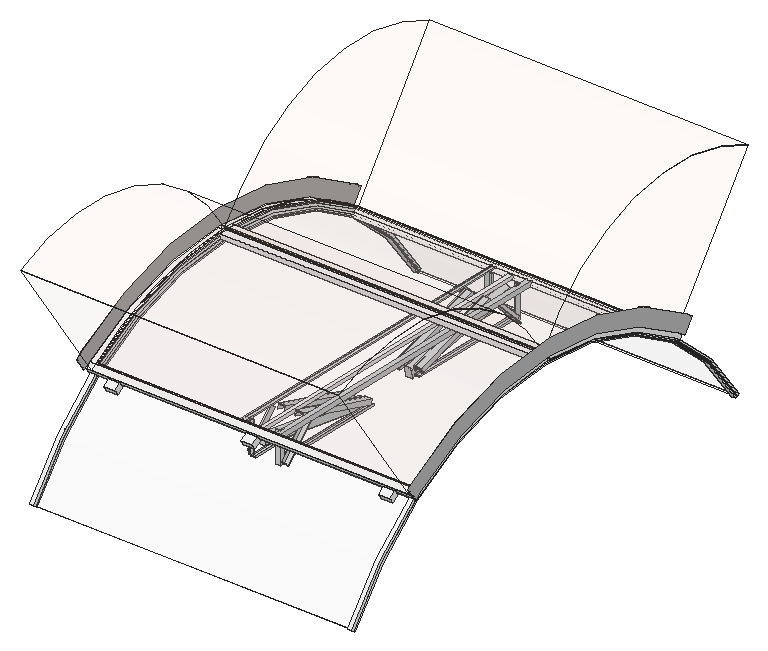
Revit family "Aluco Fire SL 2P (HI) (en)", category Generic Models, Revit 2020
Family settings
  Can host rebar = No
  Round Connector Dimension = Use Diameter
  Part Type = Normal
  OmniClass Number = 23.60.70.14.11
  OmniClass Title = Smoke Dampers
  Work Plane-Based = Yes
  Always vertical = No
  Cut with Voids When Loaded = Yes
  Shared = No
  Room Calculation Point = No
Parameters (values of type "economical system with pneumatic drive")
  Range of motion [instance] = yes
  Wind exposure classification = "WL 1500"  # constant formula
  Reliability of operation = "RE 10000"  # constant formula
  Profile material = Aluco - aluminum
  Product URL = "https://aluco.com.pl/oferta/oddymianie/klapy-w-pasmach/"
  Power supply = 0 V
  Panel thickness [instance] = if([Filling thickness (variant)] < 3, 10 mm, if([Filling thickness (variant)] < 5, 16 mm, if([Filling thickness (variant)] < 7, 20 mm, if([Filling thickness (variant)] < 9, 25 mm, if([Filling thickness (variant)] < 11, 20 mm, if([Filling thickness (variant)] < 13, 26 mm, 32 mm))))))  # 10 mm
  Panel material = Aluco - polycarbonate
  Note [instance] = if(or([Vent span (A)] > 3000 mm, [Vent span (A)] < 1800 mm, [Vent width (B)] > 3500 mm, [Vent width (B)] < 1900 mm), "The manufacturer's recommended dimensions have been exceeded", "-")  # "-"
  Maximum snow load = "SL 1500"  # constant formula
  Heat transfer coefficient [instance] = "For verification after contact with the Manufacturer"  # constant formula
  Geometric surface [instance] = 1.00 m² * size_lookup("ALUCO FIRE SL 2P (HI)", "Powierzchnia geometryczna", 0 mm, round([Vent span (A)] / 100 mm) * 100 mm, round([Vent width (B)] / 100 mm) * 100 mm) / 1 mm  # 4.00 m²
  Fall protection safety grids [instance] = no
  Drive type = "pneumatic drive"
  Deflectors [instance] = yes
  Base height [instance] = 300 mm
  Actuator extension (variant) [instance] = 1
  Vent width (B) [instance] = 2000 mm
  Vent span (A) [instance] = 2000 mm
  URL = "https://aluco.com.pl/"
  Economic system = yes
  Bridge-free system = not(Economic system)  # no
  Smoke exhaust surface [instance] = 1.00 m² * size_lookup("ALUCO FIRE SL 2P (HI)", "Współczynnik powierzchni oddymiania", 0 mm, round([Vent span (A)] / 100 mm) * 100 mm, round([Vent width (B)] / 100 mm) * 100 mm) / 1 mm  # 2.97 m²
  Skylight span [instance] = 3000 mm
  Span [instance] = "from 1800 mm x 1900 mm to 3000 mm x 3500 mm"  # constant formula
  Bending radius' [instance] = Bending radius - 5 mm  # 1745 mm
  Bending radius" [instance] = Bending radius + Panel thickness + 13 mm  # 1773 mm
  Bending radius [instance] = 175 * Panel thickness  # 1750 mm
  Opening angle = 90.00°  # constant formula
  Mounting profiles [instance] = yes
  Manufacturer = "ALUCO SYSTEM SP. Z O.O"  # constant formula
  High temperature resistance class = "B 300"  # constant formula
  Description = "Double-leaf vent dedicated to barrel vault skylights"  # constant formula
  Type Image = ALUCO FIRE SL 1P (HI).png
  Installation [instance] = if(Economic system, "in barrel vault continuous skylights ALUCO SKYLIGHT", "in barrel vault continuous skylights ALUCO SKYLIGHT or ALUCO SKYLIGHT THERM")  # "in barrel vault continuous skylights ALUCO SKYLIGHT"
  Model = "FIRE SL 2P"
  Type Comments = "Smoke damper in a economical system"
  Safety classification against drop from height = "SB 1200"  # constant formula
  Fire protection class = "BRoof (t1)"  # constant formula
  Catalog card [instance] = "https://aluco.com.pl/download/oddymianie/AlucoFireSL_KlapyDymowe.pdf"
  Number of arch profiles [instance] = 2  # constant formula
  IfcExportAs = "\"IfcWindowType\""
  Filling thickness (variant) [instance] = 1
  Profile dimension [instance] = Panel thickness + 2 * 10 mm  # 30 mm
  Deflector material = Aluco - galvanized steel
  Default Elevation = 0 mm  # constant formula
  Confirmed performance in extremely low temperatures = "T -15"  # constant formula
  Actuator extension [instance] = if([Actuator extension (variant)] < 2, "300mm", if([Actuator extension (variant)] < 3, "500mm", "700mm"))  # "300mm"
Reference planes
  plane 1 "Środek (Przód/Tył)": y = 0
  plane 2: z = 0
  plane 3 "Środek (Lewa/Prawa)": x = 0
  plane 4: y = -1500
  plane 5: y = 1500
  plane 6: x = -1000
  plane 7: y = -2000
  plane 8: y = 2000
  plane 9: x = 1000
  plane 10: z = 300
  plane 11: y = -1000
  plane 12: y = 1000
  plane 13: y = -939.1
Forms (mm)
  Extrusion 1, solid, material "Aluco - fall protection safety grids", visible <- "Fall protection safety grids", detail levels medium+fine
    sketch origin (3267.2, -1436.636, 300) x (0, -1, 0) y (1, 0, 0)
      loop
        line (-2936.636, -4267.2) -> (63.364, -4267.2) -> (63.364, -2267.2) -> (-2936.636, -2267.2) -> (-2936.636, -4267.2)
    from -5 to 0
  Extrusion 2, solid, detail levels coarse
    sketch origin (0, 0, 0) x (0, 1, 0) y (0, 0, 1)
      loop
        line (-1000, 895.113) -> (-1000, 300) -> (1000, 300) -> (1000, 895.113)
        arc (1000, 895.113) -> (0, 1203.612) -> (-1000, 895.113) r 1775
    from 1000 to -1000
  Extrusion 3, void
    sketch origin (0, 0, 0) x (0, 1, 0) y (0, 0, 1)
      loop
        line (-1506.686, 333.185) -> (-1482.684, 318.761)
        arc (-1482.684, 318.761) -> (0, 1143.612) -> (1482.684, 318.761) r 1745
        line (1482.684, 318.761) -> (1506.686, 333.185)
        arc (1506.686, 333.185) -> (0, 1171.612) -> (-1506.686, 333.185) r 1773
    from 1000 to -1000
  Extrusion 4, solid, material "Aluco - polycarbonate" <- "Panel material", detail levels medium+fine
    sketch origin (0, 0, 0) x (0, 1, 0) y (0, 0, 1)
      loop
        line (-1508.571, 305.151) -> (-1500, 300)
        arc (-1500, 300) -> (0, 1148.612) -> (1500, 300) r 1750
        line (1500, 300) -> (1508.571, 305.151)
        arc (1508.571, 305.151) -> (0, 1158.612) -> (-1508.571, 305.151) r 1760
    from 1000 to -1000
Lines and regions (mm)
  reference lines
    curve 1: line (-1000, 1500, 0) -> (-1000, -1500, 0)
    curve 2: line (-1000, -1500, 0) -> (1900, -1500, 0)
    curve 3: line (997.5, 1500, 0) -> (-1000, 1500, 0)
    curve 4: line (0, 1500, 0) -> (10, 1500, 0)
    curve 5: line (10, -1500, 0) -> (0, -1500, 0)
    curve 6: line (0, -1500, 0) -> (0, 1500, 0)
    curve 7: line (995, 0, 298.5) -> (1005, 0, 298.5)
    curve 8: line (1002.5, 500, -601.388) -> (1002.5, -500, -601.388)
    curve 9: line (1002.5, 0, -601.388) -> (1002.5, -1000, 862.692)
    curve 10: line (1002.5, 0, -601.388) -> (1002.5, 1000, 862.692)
    curve 12: line (0, -1000, 862.692) -> (0, 1000, 862.692)
  symbolic lines, detail levels coarse
    curve 11: line (1000, 1500, 0) -> (1000, -1500, 0)
    curve 15: line (-1000, 1500, 0) -> (-1000, -1500, 0)
    curve 16: line (-1000, 1000, 0) -> (1000, 1000, 0)
    curve 17: line (-1000, -1000, 0) -> (1000, -1000, 0)
  model lines, not visible
    curve 13: line (-500, -1000, 862.692) -> (-500, 1000, 862.692)
    curve 14: line (500, 1000, 862.692) -> (500, -1000, 862.692)
Dimensions and locks
  equal spacing: plane 4, plane 1 "Środek (Przód/Tył)", plane 5
  equal spacing: plane 8, plane 1 "Środek (Przód/Tył)", plane 7
  "Skylight span": plane 4 to plane 5
  plane 5 to curve 3 = 0 mm
  "Base height": plane 10 to level
  plane 10 to curve 7 = 1.5 mm
  equal spacing: plane 11, plane 1 "Środek (Przód/Tył)", plane 12
  "Vent span (A)": plane 11 to plane 12
  equal spacing: plane 6, plane 3 "Środek (Lewa/Prawa)", plane 9
  "Bending radius"": curve 10 to curve 10
  "Bending radius"": curve 9 to curve 9
  "Vent width (B)": plane 6 to plane 9
  locked: plane 11 to plane 13 at 60.9
  locked: nested 2 to Extrusion 3 sketch curve at 25
  locked: Extrusion 3 sketch curve to nested 2 at 25
  locked: plane 1 "Środek (Przód/Tył)" to curve 8 (angle 90.00°)
  aligned and locked: level to plane 2
  aligned and locked: nested 1 to plane 10
  aligned and locked: nested 2 to plane 10
  aligned and locked: plane 6 to nested 2
  aligned and locked: plane 9 to nested 1
  aligned and locked: plane 11 to curve 9
  aligned and locked: plane 1 "Środek (Przód/Tył)" to curve 10
  aligned and locked: curve 8 to curve 10
  aligned and locked: plane 12 to curve 10
  aligned and locked: nested 3 to curve 9
  aligned and locked: curve 10 to nested 4
  aligned and locked: plane 3 "Środek (Lewa/Prawa)" to nested 4
  aligned and locked: plane 6 to nested 5
  aligned and locked: plane 11 to nested 5
  aligned and locked: nested 3 to plane 3 "Środek (Lewa/Prawa)"
  aligned and locked: plane 5 to curve 11
  aligned and locked: plane 4 to curve 11
  aligned and locked: curve 11 to plane 9
  aligned and locked: curve 12 to curve 9
  aligned and locked: nested 6 to plane 12
  aligned and locked: nested 7 to plane 13
  aligned and locked: plane 3 "Środek (Lewa/Prawa)" to nested 7
  aligned and locked: plane 12 to nested 4
  aligned and locked: curve 12 to curve 12
  aligned and locked: plane 11 to curve 12
  aligned and locked: plane 12 to curve 12
  aligned and locked: Extrusion 1 sketch curve to plane 5
  aligned and locked: Extrusion 1 sketch curve to plane 4
  aligned and locked: Extrusion 1 sketch curve to plane 6
  aligned and locked: Extrusion 1 sketch curve to plane 9
  aligned and locked: Extrusion 2 sketch curve to nested 5
  aligned and locked: Extrusion 2 sketch curve to plane 11
  aligned and locked: Extrusion 2 sketch curve to plane 12
  aligned and locked: Extrusion 2 sketch curve to plane 10
  aligned and locked: plane 9 to Extrusion 2
  aligned and locked: Extrusion 2 to plane 6
  aligned and locked: curve 15 to plane 6
  aligned and locked: curve 16 to plane 12
  aligned and locked: curve 17 to plane 11
  aligned and locked: Extrusion 3 sketch curve to nested 2  (x2)
  aligned and locked: Extrusion 3 to plane 6
  aligned and locked: plane 9 to Extrusion 3
  aligned and locked: Extrusion 4 sketch curve to nested 2  (x2)
  aligned and locked: nested 2 to Extrusion 4 sketch curve  (x2)
  aligned and locked: Extrusion 4 to plane 6
  aligned and locked: plane 9 to Extrusion 4
Automatic sketch dimensions
  curve 1 to plane 4 = 0 mm
  curve 1 to plane 6 = 0 mm
  curve 5 to plane 3 "Środek (Lewa/Prawa)" = 0 mm
  curve 5 to plane 4 = 0 mm
  plane 5 to curve 4 = 0 mm
  plane 3 "Środek (Lewa/Prawa)" to curve 5 = 10 mm
  plane 3 "Środek (Lewa/Prawa)" to curve 4 = 10 mm
  curve 3 to plane 9 = 2.5 mm
  plane 9 to curve 2 = 900 mm
  curve 7 to plane 9 = 5 mm
  plane 9 to curve 7 = 5 mm
  curve 12 to curve 14 = 500 mm
  curve 13 to curve 12 = 500 mm
  curve 12 to curve 14 = 0 mm  (x2)
  curve 13 to curve 12 = 0 mm  (x2)
  curve 15 to plane 4 = 0 mm
  curve 15 to plane 5 = 0 mm
Nested families
  nested 1: "Arch profile" at (1000, 0, 300), Rozpiętość otworu <- "Skylight span", Materiał <- "Profile material", visible <- "Mounting profiles", Grubość wypełnienia (wariant) <- "Filling thickness (variant)", type "Arch profile", detail levels medium+fine
    with Zwężenie otworu (rozpiętość) 0 mm, Rozpiętość świetlika 3000 mm, Rozpiętość otworu 3000 mm, Przestrzeń na izolację termiczną 0 mm, Promień gięcia 1750 mm, Materiał Aluco - aluminum, Grubość wypełnienia (wariant) 1, Grubość płyty 10 mm, Grubość profilu 17 mm
  nested 2: "Arch profile" at (-1000, 0, 300), Rozpiętość otworu <- "Skylight span", Materiał <- "Profile material", visible <- "Mounting profiles", Grubość wypełnienia (wariant) <- "Filling thickness (variant)", type "Arch profile", detail levels medium+fine
    with Zwężenie otworu (rozpiętość) 0 mm, Rozpiętość świetlika 3000 mm, Rozpiętość otworu 3000 mm, Przestrzeń na izolację termiczną 0 mm, Promień gięcia 1750 mm, Materiał Aluco - aluminum, Grubość wypełnienia (wariant) 1, Grubość płyty 10 mm, Grubość profilu 17 mm
  nested 3: "Straight profile" at (0, -1000, 862.692) x (0, -0.8258, -0.564) z (0, -0.564, 0.8258), Materiał <- "Profile material", Szerokość profilu <- "Profile dimension", Wyskość profilu <- "Profile dimension", Długość profilu <- "Vent width (B)", type "Straight profile", detail levels medium+fine
    with Wyskość profilu 30 mm, Szerokość profilu 30 mm, Materiał Aluco - aluminum, Długość profilu 2000 mm
  nested 4: "Straight profile" at (0, 1000, 862.692) x (0, 0.8258, -0.564) z (0, 0.564, 0.8258), Materiał <- "Profile material", Szerokość profilu <- "Profile dimension", Wyskość profilu <- "Profile dimension", Długość profilu <- "Vent width (B)", type "Straight profile", detail levels medium+fine
    with Wyskość profilu 30 mm, Szerokość profilu 30 mm, Materiał Aluco - aluminum, Długość profilu 2000 mm
  nested 5: "Damper" at (-1000, 0, 330), Rozpiętość klapy <- "Vent span (A)", Szerokość klapy <- "Vent width (B)", built-in parameter 1001364 <- "Profile dimension", Grubość profilu <- "Profile dimension", Materiał profili <- "Profile material", Materiał płyty <- "Panel material", Rozpiętość świetlika <- "Skylight span", Materiał owiewki <- "Deflector material", Owiewki <- "Deflectors", Grubość wypełnienia (wariant) <- "Filling thickness (variant)", Zakres ruchu <- "Range of motion", type "Damper", detail levels medium+fine
    with Zakres ruchu yes, Wysokość owiewki 100 mm, Szerokość klapy 2000 mm, Rozpiętość świetlika 3000 mm, Rozpiętość klapy 2000 mm, Promień gięcia 1750 mm, Owiewki yes, Materiał płyty Aluco - polycarbonate, Materiał profili Aluco - aluminum, Materiał owiewki Aluco - galvanized steel, Grubość wypełnienia (wariant) 1, Grubość płyty 10 mm, Grubość profilu' 41.5 mm, Grubość profilu 30 mm
  nested 6: "Double-leaf damper actuator" at (0, 1000, 862.692) x (0, -1, 0) z (0, 0, 1), Długość prowadnic <- "Vent span (A)", type "Double-leaf damper actuator", detail levels fine
    with Długość prowadnic 2000 mm
  nested 7: "Double-leaf damper actuator 2" at (0, -1000.03, 862.692) x (0, 1, 0) z (0, 0, 1), type "Double-leaf damper actuator 2", detail levels fine
    with Długość prowadnic 1500 mm
Connectors
  electrical at (0, 0, 300)
    settings: on plane 10, index 1, voltage 0 V, apparent load 0 VA, apparent load phase1 0 VA, apparent load phase2 0 VA, apparent load phase3 0 VA, power factor 1, load classification "Inne", number of poles 1, system type 31, power factor state 1, is connector primary yes, connector utility no, sub classification motor no, connector description ""
Definition of nested family "Arch profile"
  Parameters (values of type "Profil łukowy")
    Zwężenie otworu (rozpiętość) [instance] = 200 mm
    Define Thermal Properties by = 1
    Rozpiętość świetlika [instance] = if(Rozpiętość otworu - 2 * [Zwężenie otworu (rozpiętość)] + 2 * Przestrzeń na izolację termiczną < 1500 mm, 1500 mm, if(Rozpiętość otworu - 2 * [Zwężenie otworu (rozpiętość)] + 2 * Przestrzeń na izolację termiczną > 6200 mm, 6200 mm, Rozpiętość otworu - 2 * [Zwężenie otworu (rozpiętość)] + 2 * Przestrzeń na izolację termiczną))  # 1500 mm
    Rozpiętość otworu [instance] = 1000 mm
    Przestrzeń na izolację termiczną [instance] = 150 mm
    Promień gięcia [instance] = 175 * Grubość płyty  # 1750 mm
    Materiał [instance] = none
    Analytic Construction = "<Brak>"
    Grubość wypełnienia (wariant) [instance] = 1
    Grubość płyty [instance] = if([Grubość wypełnienia (wariant)] < 3, 10 mm, if([Grubość wypełnienia (wariant)] < 5, 16 mm, if([Grubość wypełnienia (wariant)] < 7, 20 mm, if([Grubość wypełnienia (wariant)] < 9, 25 mm, if([Grubość wypełnienia (wariant)] < 11, 20 mm, if([Grubość wypełnienia (wariant)] < 13, 26 mm, 32 mm))))))  # 10 mm
    Grubość profilu [instance] = Grubość płyty + 7 mm  # 17 mm
    Default Elevation = 0 mm
  Reference planes
    plane 1 "Środek (Przód/Tył)": y = 0
    plane 2: z = 0
    plane 3 "Środek (Lewa/Prawa)": x = 0
    plane 4: y = -500
    plane 5: y = 500
    plane 6: y = -750
    plane 7: y = 750
    plane 8: z = 0
  Forms (mm)
    Extrusion 1, solid, not visible
      sketch origin (0, 0, 0) x (0, 1, 0) y (0, 0, 1)
        loop
          line (-750, 0) -> (750, 0)
          arc (750, 0) -> (0, 168.861) -> (-750, 0) r 1750
      from 14 to -14
    Sweep 2, solid, material <- "Materiał"
      path in 3D
        loop
          arc (0, -750, 0) -> (0, 0, 168.861) -> (0, 750, 0) r 1750
      profile origin (0, 0, 168.861) x (0, 0, 1) y (1, 0, 0)
        loop
          line (0, -14) -> (0, -2.5) -> (10, -2.5) -> (10, -14) -> (23, -14) -> (23, 14) -> (10, 14) -> (10, 2.5) -> (0, 2.5) -> (0, 14) -> (-5, 14) -> (-5, -14) -> (0, -14)
  Lines and regions (mm)
    reference lines
      curve 1: line (-150, -650, 0) -> (6150, -650, 0)
      curve 2: line (6150, 650, 0) -> (-150, 650, 0)
      curve 3: line (500, 600, 0) -> (5500, 600, 0)
      curve 4: line (5500, -600, 0) -> (500, -600, 0)
      curve 5: arc (0, -750, 0) -> (0, 0, 168.861) -> (0, 750, 0) r 1750
    sketch lines
      curve 6: arc (0, -750, 0) -> (0, 0, 168.861) -> (0, 750, 0) r 1750
  Dimensions and locks
    equal spacing: plane 4, plane 1 "Środek (Przód/Tył)", plane 5
    equal spacing: plane 7, plane 1 "Środek (Przód/Tył)", plane 6
    "Rozpiętość otworu": plane 4 to plane 5
    "Rozpiętość świetlika": plane 7 to plane 6
    "Przestrzeń na izolację termiczną": plane 5 to curve 2
    "Przestrzeń na izolację termiczną": plane 4 to curve 1
    "Przestrzeń na izolację termiczną": curve 4 to plane 6
    "Przestrzeń na izolację termiczną": curve 3 to plane 7
    "Grubość płyty": Sweep 2 sketch curve to profile plane
    "Promień gięcia": radius of curve 5
    aligned and locked: level to plane 2
    aligned and locked: plane 6 to curve 5
    aligned and locked: plane 8 to curve 5  (x2)
    aligned and locked: plane 7 to curve 5
    aligned and locked: Extrusion 1 sketch curve to curve 5
    aligned and locked: Extrusion 1 sketch curve to plane 8
  Automatic sketch dimensions
    curve 2 to plane 3 "Środek (Lewa/Prawa)" = 150 mm
    curve 1 to plane 3 "Środek (Lewa/Prawa)" = 150 mm
    plane 3 "Środek (Lewa/Prawa)" to curve 3 = 500 mm
    plane 3 "Środek (Lewa/Prawa)" to curve 4 = 500 mm
    curve 3 to curve 3 = 5000 mm
    curve 4 to curve 3 = 0 mm
    curve 3 to curve 2 = 650 mm
    curve 4 to curve 1 = 650 mm
    Sweep 2 sketch curve to profile plane = 0 mm  (x2)
    profile plane to Sweep 2 sketch curve = 5 mm
    Sweep 2 sketch curve to Sweep 2 sketch curve = 0 mm  (x2)
    Sweep 2 sketch curve to Sweep 2 sketch curve = 13 mm
    Sweep 2 sketch curve to profile plane = 14 mm
    Sweep 2 sketch curve to profile plane = 2.5 mm
    profile plane to Sweep 2 sketch curve = 2.5 mm
    Sweep 2 sketch curve to Sweep 2 sketch curve = 11.5 mm  (x2)
Definition of nested family "Straight profile"
  Parameters (values of type "Profil prosty")
    Define Thermal Properties by = 1
    Wyskość profilu [instance] = 40 mm
    Szerokość profilu [instance] = 40 mm
    Materiał [instance] = none
    Analytic Construction = "<Brak>"
    Długość profilu [instance] = 1000 mm
    Default Elevation = 1219.2 mm
  Reference planes
    plane 1 "Środek (Przód/Tył)": y = 0
    plane 2: z = 0
    plane 3 "Środek (Lewa/Prawa)": x = 0
    plane 4: y = 500
    plane 5: y = -500
    plane 6: x = 40
    plane 7: z = -40
  Forms (mm)
    Extrusion 1, solid
      sketch origin (0, 0, 0) x (1, 0, 0) y (0, 1, 0)
        loop
          line (-1219.2, 1219.2) -> (-1219.2, -1219.2) -> (1219.2, -1219.2) -> (1219.2, 1219.2) -> (-1219.2, 1219.2)
      from 0 to -304.8
    Extrusion 2, solid, material <- "Materiał"
      sketch origin (0, 0, 0) x (1, 0, 0) y (0, 0, 1)
        loop
          line (0, 0) -> (0, -40) -> (40, -40) -> (40, 0) -> (0, 0)
      from 500 to -500
  Dimensions and locks
    equal spacing: plane 4, plane 1 "Środek (Przód/Tył)", plane 5
    "Długość profilu": plane 4 to plane 5
    "Szerokość profilu": plane 6 to plane 3 "Środek (Lewa/Prawa)"
    "Wyskość profilu": level to plane 7
    aligned and locked: plane 2 to Extrusion 1
    aligned and locked: level to Extrusion 1
    aligned and locked: plane 4 to Extrusion 2
    aligned and locked: Extrusion 2 to plane 5
    aligned and locked: Extrusion 2 to plane 7
    aligned and locked: plane 6 to Extrusion 2
  Automatic sketch dimensions
    Extrusion 1 sketch curve to Extrusion 1 sketch curve = 2438.4 mm  (x2)
    Extrusion 2 sketch curve to level = 0 mm
    Extrusion 2 sketch curve to plane 3 "Środek (Lewa/Prawa)" = 0 mm
    plane 3 "Środek (Lewa/Prawa)" to Extrusion 2 sketch curve = 40 mm
    Extrusion 2 sketch curve to level = 40 mm
Definition of nested family "Damper"
  Parameters (values of type "Klapa")
    Define Thermal Properties by = 1
    Zakres ruchu [instance] = yes
    Wysokość owiewki [instance] = 100 mm
    Szerokość klapy [instance] = 1000 mm
    Rozpiętość świetlika [instance] = 1500 mm
    Rozpiętość klapy [instance] = 1000 mm
    Promień gięcia [instance] = 175 * Grubość płyty  # 1750 mm
    Owiewki [instance] = yes
    Materiał płyty [instance] = none
    Materiał profili [instance] = none
    Materiał owiewki [instance] = none
    Analytic Construction = "<Brak>"
    Grubość wypełnienia (wariant) [instance] = 1
    Grubość płyty [instance] = if([Grubość wypełnienia (wariant)] < 3, 10 mm, if([Grubość wypełnienia (wariant)] < 5, 16 mm, if([Grubość wypełnienia (wariant)] < 7, 20 mm, if([Grubość wypełnienia (wariant)] < 9, 25 mm, if([Grubość wypełnienia (wariant)] < 11, 20 mm, if([Grubość wypełnienia (wariant)] < 13, 26 mm, 32 mm))))))  # 10 mm
    Grubość profilu' [instance] = Grubość profilu + 11.5 mm  # 41.5 mm
    Grubość profilu [instance] = 30 mm
    Default Elevation = 0 mm
  Reference planes
    plane 1 "Środek (Przód/Tył)": y = 0
    plane 2: z = 0
    plane 3 "Środek (Lewa/Prawa)": x = 0
    plane 4: y = -500
    plane 5: y = 500
    plane 6: y = -750
    plane 7: y = 750
    plane 8: z = 0
    plane 9: x = 1000
    plane 10: x = 500
    plane 11: y = 14
    plane 12: y = -14
    plane 13: z = 1559.263
    plane 14: x = 1102.632
    plane 15: x = -102.632
    plane 16: y = -56.002
    plane 17: y = 56.002
  Forms (mm)
    Extrusion 1, solid, not visible
      sketch origin (0, 0, 0) x (0, 1, 0) y (0, 0, 1)
        loop
          line (-500, 95.912) -> (-500, 0) -> (500, 0) -> (500, 95.912)
          arc (500, 95.912) -> (0, 168.861) -> (-500, 95.912) r 1750
      from 1000 to 0
    Sweep 2, solid, material <- "Materiał profili", detail levels medium+fine
      path in 3D
        loop
          arc (0, 500, 95.912) -> (0, 0, 168.861) -> (0, -500, 95.912) r 1750
      profile origin (0, 0, 168.861) x (0, 0, 1) y (-1, 0, 0)
        loop
          line (10, -11.5) -> (10, 0) -> (20, 0) -> (20, -11.5) -> (25, -11.5) -> (25, 30) -> (-5, 30) -> (-5, -11.5) -> (10, -11.5)
    Sweep 3, solid, material <- "Materiał profili", detail levels medium+fine
      path in 3D
        loop
          arc (1000, -500, 95.912) -> (1000, 0, 168.861) -> (1000, 500, 95.912) r 1750
      profile origin (1000, 0, 168.861) x (0, 0, 1) y (1, 0, 0)
        loop
          line (10, -11.5) -> (10, 0) -> (20, 0) -> (20, -11.5) -> (25, -11.5) -> (25, 30) -> (-5, 30) -> (-5, -11.5) -> (10, -11.5)
    Sweep 4, solid, material <- "Materiał profili", detail levels medium+fine
      path in 3D
        loop
          line (-30, -498.571, 91.121) -> (608.987, -498.571, 91.121) -> (1030, -498.571, 91.121)
      profile origin (289.494, -498.571, 91.121) x (0, -0.285714, 0.958315) y (0, -0.958315, -0.285714)
        loop
          line (0, 0) -> (30, 0) -> (30, 41.5) -> (0, 41.5) -> (0, 0)
    Sweep 5, solid, material <- "Materiał profili", detail levels medium+fine
      path in 3D
        loop
          line (1030, 498.571, 91.121) -> (493.096, 498.571, 91.121) -> (-30, 498.571, 91.121)
      profile origin (761.548, 498.571, 91.121) x (0, 0.285714, 0.958315) y (0, 0.958315, -0.285714)
        loop
          line (0, 41.5) -> (0, 0) -> (30, 0) -> (30, 41.5) -> (0, 41.5)
    Extrusion 6, solid, material <- "Materiał płyty", detail levels medium+fine
      sketch origin (0, 0, 0) x (0, 1, 0) y (0, 0, 1)
        loop
          line (-505.829, 115.044) -> (-502.914, 105.478)
          arc (-502.914, 105.478) -> (0, 178.861) -> (502.914, 105.478) r 1760
          line (502.914, 105.478) -> (505.829, 115.044)
          arc (505.829, 115.044) -> (0, 188.861) -> (-505.829, 115.044) r 1770
      from 0 to 1000
    Extrusion 7, solid, material <- "Materiał profili", detail levels medium+fine
      sketch origin (500, 614.076, 1200) x (0, 1, 0) y (0, 0, 1)
        loop
          line (-75.735, -1120.737) -> (-69.772, -1100.737) -> (-1158.38, -1100.737) -> (-1152.418, -1120.737) -> (-75.735, -1120.737)
      from -14 to 14
    Extrusion 8, solid, material <- "Materiał profili", detail levels fine
      sketch origin (500, 614.076, 1200) x (0, 1, 0) y (0, 0, 1)
        loop
          line (-1156.703, -1106.362) -> (-1204.619, -1120.648) -> (-1192.762, -1160.418) -> (-1144.846, -1146.132) -> (-1156.703, -1106.362)
      from -35 to 35
    Extrusion 9, solid, material <- "Materiał profili", detail levels fine
      sketch origin (1000, 1469.305, 1200) x (0, 1, 0) y (0, 0, 1)
        loop
          line (-2011.932, -1106.362) -> (-2059.848, -1120.648) -> (-2047.991, -1160.418) -> (-2000.075, -1146.132) -> (-2011.932, -1106.362)
      from -170 to -100
    Extrusion 10, solid, material <- "Materiał profili", detail levels fine
      sketch origin (0, 0, 0) x (0, 1, 0) y (0, 0, 1)
        loop
          line (-542.627, 93.638) -> (-590.543, 79.352) -> (-578.686, 39.582) -> (-530.77, 53.868) -> (-542.627, 93.638)
      from 170 to 100
    Sweep 11, solid, material <- "Materiał owiewki", visible <- "Owiewki"
      path in 3D
        loop
          line (1030, 507.143, 119.87) -> (1030, 546.913, 108.013) -> (-30, 546.913, 108.013) -> (-30, 507.143, 119.87)
          arc (-30, 507.143, 119.87) -> (-30, 0, 193.861) -> (-30, -507.143, 119.87) r 1775
          line (-30, -507.143, 119.87) -> (-30, -546.913, 108.013) -> (1030, -546.913, 108.013) -> (1030, -507.143, 119.87)
          arc (1030, -507.143, 119.87) -> (1030, 0, 193.861) -> (1030, 507.143, 119.87) r 1775
      profile "Owiewka : Owiewka" origin (1030, 0, 193.861) x (0, 0, 1) y (1, 0, 0)
        loop
          line (0, 10) -> (100, 10) -> (100, 11.5) -> (0, 11.5) -> (0, 10)
    Extrusion 12, void
      sketch origin (0, 0, 0) x (1, 0, 0) y (0, 1, 0)
        loop
          line (-40, -750) -> (1040, -750) -> (1040, 750) -> (-40, 750) -> (-40, -750)
      from -14 to 1000
    Extrusion 13, void
      sketch origin (0, 0, 0) x (1, 0, 0) y (0, 1, 0)
        loop
          line (-102.632, 14) -> (-102.632, -14) -> (1102.632, -14) -> (1102.632, 14) -> (-102.632, 14)
      from 0 to 1559.263
    Extrusion 14, solid, material <- "Materiał profili", detail levels fine
      sketch origin (500, -614.076, 1200) x (0, -1, 0) y (0, 0, -1)
        loop
          line (-1156.703, 1106.362) -> (-1144.846, 1146.132) -> (-1192.762, 1160.418) -> (-1204.619, 1120.648) -> (-1156.703, 1106.362)
      from -35 to 35
    Extrusion 15, solid, material <- "Materiał profili", detail levels fine
      sketch origin (1000, 1469.305, 1200) x (0, 1, 0) y (0, 0, 1)
        loop
          line (-926.678, -1106.362) -> (-938.535, -1146.132) -> (-890.619, -1160.418) -> (-878.762, -1120.648) -> (-926.678, -1106.362)
      from -170 to -100
    Extrusion 16, solid, material <- "Materiał profili", detail levels fine
      sketch origin (0, 0, 0) x (0, 1, 0) y (0, 0, 1)
        loop
          line (542.627, 93.638) -> (530.77, 53.868) -> (578.686, 39.582) -> (590.543, 79.352) -> (542.627, 93.638)
      from 170 to 100
    Extrusion 17, solid, visible <- "Zakres ruchu"
      sketch origin (0, 0, 0) x (0, 1, 0) y (0, 0, 1)
        loop
          line (-745.29, 773.391) -> (-546.774, 107.548)
          arc (-546.774, 107.548) -> (-276.773, 172.15) -> (0, 193.861) r 1775
          arc (0, 193.861) -> (-208.767, 694.377) -> (-745.29, 773.391) r 550.814
      from 0 to 1000
    Extrusion 18, solid, visible <- "Zakres ruchu"
      sketch origin (0, 0, 0) x (0, 1, 0) y (0, 0, 1)
        loop
          line (546.774, 107.548) -> (745.29, 773.391)
          arc (745.29, 773.391) -> (208.767, 694.377) -> (0, 193.861) r 550.814
          arc (0, 193.861) -> (276.773, 172.15) -> (546.774, 107.548) r 1775
      from 0 to 1000
  Cuts and joins
    Extrusion 13 cuts Sweep 2
    Extrusion 13 cuts Sweep 3
    joined: Sweep 2, Sweep 3, Sweep 4, Sweep 5, Extrusion 7
    Extrusion 12 cuts Sweep 11
    Extrusion 13 cuts Extrusion 6
  Lines and regions (mm)
    reference lines
      curve 1: arc (0, -750, 0) -> (0, 0, 168.861) -> (0, 750, 0) r 1750
    sketch lines
      curve 2: arc (0, 500, 95.912) -> (0, 0, 168.861) -> (0, -500, 95.912) r 1750
      curve 3: arc (1000, -500, 95.912) -> (1000, 0, 168.861) -> (1000, 500, 95.912) r 1750
      curve 4: line (-30, -498.571, 91.121) -> (608.987, -498.571, 91.121)
      curve 5: line (608.987, -498.571, 91.121) -> (1030, -498.571, 91.121)
      curve 6: line (1030, 498.571, 91.121) -> (493.096, 498.571, 91.121)
      curve 7: line (493.096, 498.571, 91.121) -> (-30, 498.571, 91.121)
      curve 15: arc (1030, -507.143, 119.87) -> (1030, 0, 193.861) -> (1030, 507.143, 119.87) r 1775
      curve 16: line (1030, -507.143, 119.87) -> (1030, -546.913, 108.013)
      curve 17: line (-30, -546.913, 108.013) -> (1030, -546.913, 108.013)
      curve 18: line (-30, -546.913, 108.013) -> (-30, -507.143, 119.87)
      curve 19: arc (-30, 507.143, 119.87) -> (-30, 0, 193.861) -> (-30, -507.143, 119.87) r 1775
      curve 20: line (-30, 507.143, 119.87) -> (-30, 546.913, 108.013)
      curve 21: line (1030, 546.913, 108.013) -> (-30, 546.913, 108.013)
      curve 22: line (1030, 546.913, 108.013) -> (1030, 507.143, 119.87)
    symbolic lines
      curve 8: line (11.5, -498.571, 0) -> (500, -56.002, 0)
      curve 9: line (500, -56.002, 0) -> (988.5, -498.571, 0)
      curve 23: line (11.5, 498.571, 0) -> (500, 56.002, 0)
      curve 24: line (500, 56.002, 0) -> (988.5, 498.571, 0)
    symbolic lines, detail levels coarse
      curve 10: line (0, 500, 0) -> (1000, 500, 0)
      curve 11: line (0, -500, 0) -> (0, 500, 0)
      curve 12: line (1000, -500, 0) -> (0, -500, 0)
      curve 13: line (1000, 500, 0) -> (1000, -500, 0)
    model lines, detail levels coarse
      curve 14: line (500, 500, 0) -> (500, -500, 0)
  Dimensions and locks
    equal spacing: plane 4, plane 1 "Środek (Przód/Tył)", plane 5
    equal spacing: plane 7, plane 1 "Środek (Przód/Tył)", plane 6
    "Rozpiętość klapy": plane 4 to plane 5
    "Rozpiętość świetlika": plane 7 to plane 6
    "Szerokość klapy": plane 3 "Środek (Lewa/Prawa)" to plane 9
    "Grubość profilu": Sweep 4 sketch curve to profile plane
    locked: Sweep 3 sketch curve to Sweep 3 sketch curve at 5
    locked: profile plane to Sweep 3 sketch curve at 5
    "Grubość płyty": Sweep 3 sketch curve to Sweep 3 sketch curve
    "Grubość profilu": Sweep 3 sketch curve to Sweep 3 sketch curve
    "Grubość profilu": Sweep 3 sketch curve to profile plane
    "Grubość profilu": Sweep 2 sketch curve to profile plane
    locked: profile plane to Sweep 2 sketch curve at 5
    locked: Sweep 2 sketch curve to Sweep 2 sketch curve at 5
    "Grubość profilu": Sweep 2 sketch curve to Sweep 2 sketch curve
    "Grubość płyty": Sweep 2 sketch curve to Sweep 2 sketch curve
    "Grubość profilu'": Sweep 5 sketch curve to profile plane
    "Grubość profilu": Sweep 5 sketch curve to profile plane
    "Grubość profilu'": Sweep 4 sketch curve to profile plane
    equal spacing: plane 3 "Środek (Lewa/Prawa)", plane 10, plane 9
    locked: Extrusion 7 sketch curve to Extrusion 7 sketch curve at 20
    locked: Extrusion 8 sketch curve to Extrusion 8 sketch curve at 50
    "Grubość profilu'": Extrusion 8 sketch curve to Extrusion 8 sketch curve
    equal spacing: cut or joined group of Sweep 2, Sweep 3, Sweep 4, Sweep 5, Extrusion 7, Extrusion 13, Extrusion 8 sketch curve, cut or joined group of Sweep 2, Sweep 3, Sweep 4, Sweep 5, Extrusion 7, Extrusion 13
    locked: Extrusion 9 sketch curve to Extrusion 9 sketch curve at 50
    locked: Extrusion 10 sketch curve to Extrusion 10 sketch curve at 50
    equal spacing: cut or joined group of Sweep 2, Sweep 3, Sweep 4, Sweep 5, Extrusion 7, Extrusion 13, Extrusion 8, cut or joined group of Sweep 2, Sweep 3, Sweep 4, Sweep 5, Extrusion 7, Extrusion 13
    cut or joined group of Sweep 2, Sweep 3, Sweep 4, Sweep 5, Extrusion 7, Extrusion 13 to Extrusion 9 to cut or joined group of Sweep 2, Sweep 3, Sweep 4, Sweep 5, Extrusion 7, Extrusion 13 = 15 mm, 15 mm
    Extrusion 12 sketch curve to plane 3 "Środek (Lewa/Prawa)" = 40 mm
    plane 9 to Extrusion 12 sketch curve = 40 mm
    plane 12 to plane 1 "Środek (Przód/Tył)" to plane 11 = 14 mm locked, 14 mm locked
    locked: plane 13 to plane 8 at 1559.263
    locked: plane 9 to plane 14 at 102.632
    locked: plane 15 to plane 3 "Środek (Lewa/Prawa)" at 102.632
    locked: plane 16 to plane 12 at 42.002
    locked: plane 11 to plane 17 at 42.002
    locked: Extrusion 14 sketch curve to Extrusion 14 sketch curve at 50
    "Grubość profilu'": Extrusion 14 sketch curve to Extrusion 14 sketch curve
    equal spacing: cut or joined group of Sweep 2, Sweep 3, Sweep 4, Sweep 5, Extrusion 7, Extrusion 13, Extrusion 14 sketch curve, cut or joined group of Sweep 11, Extrusion 12
    locked: Extrusion 15 sketch curve to Extrusion 15 sketch curve at 50
    "Grubość profilu'": Extrusion 15 sketch curve to Extrusion 15 sketch curve
    equal spacing: cut or joined group of Sweep 2, Sweep 3, Sweep 4, Sweep 5, Extrusion 7, Extrusion 13, Extrusion 15 sketch curve, cut or joined group of Sweep 11, Extrusion 12
    locked: Extrusion 16 sketch curve to Extrusion 16 sketch curve at 50
    equal spacing: cut or joined group of Sweep 2, Sweep 3, Sweep 4, Sweep 5, Extrusion 7, Extrusion 13, Extrusion 14, cut or joined group of Sweep 11, Extrusion 12
    "Promień gięcia": radius of curve 1
    aligned and locked: level to plane 2
    aligned and locked: plane 6 to curve 1
    aligned and locked: plane 8 to curve 1  (x2)
    aligned and locked: plane 7 to curve 1
    aligned and locked: Extrusion 1 sketch curve to curve 1
    aligned and locked: Extrusion 1 sketch curve to plane 8
    aligned and locked: plane 4 to Extrusion 1 sketch curve
    aligned and locked: plane 5 to Extrusion 1 sketch curve
    aligned and locked: plane 9 to Extrusion 1
    aligned and locked: Extrusion 6 sketch curve to Sweep 3  (x2)
    aligned and locked: Extrusion 6 to Extrusion 1
    aligned and locked: profile plane to Sweep 5 sketch curve
    aligned and locked: plane 4 to curve 12
    aligned and locked: curve 10 to plane 5
    aligned and locked: curve 13 to plane 9
    aligned and locked: plane 3 "Środek (Lewa/Prawa)" to curve 11
    aligned and locked: cut or joined group of Sweep 2, Sweep 3, Sweep 4, Sweep 5, Extrusion 7, Extrusion 13 to Extrusion 7 sketch curve  (x3)
    aligned and locked: Extrusion 7 sketch curve to cut or joined group of Sweep 2, Sweep 3, Sweep 4, Sweep 5, Extrusion 7, Extrusion 13
    aligned and locked: plane 4 to curve 14
    aligned and locked: plane 5 to curve 14
    aligned and locked: curve 14 to plane 10
    aligned and locked: cut or joined group of Sweep 2, Sweep 3, Sweep 4, Sweep 5, Extrusion 7, Extrusion 13 to Extrusion 8 sketch curve
    aligned and locked: cut or joined group of Sweep 2, Sweep 3, Sweep 4, Sweep 5, Extrusion 7, Extrusion 13 to Extrusion 9 sketch curve
    aligned and locked: cut or joined group of Sweep 2, Sweep 3, Sweep 4, Sweep 5, Extrusion 7, Extrusion 13 to Extrusion 10 sketch curve
    aligned and locked: Extrusion 9 sketch curve to Extrusion 8  (x2)
    aligned and locked: Extrusion 10 sketch curve to Extrusion 9
    aligned and locked: Extrusion 10 sketch curve to Extrusion 8
    aligned and locked: Extrusion 12 sketch curve to plane 6
    aligned and locked: Extrusion 12 sketch curve to plane 7
    aligned and locked: plane 11 to Extrusion 13 sketch curve
    aligned and locked: Extrusion 13 sketch curve to plane 12
    aligned and locked: Extrusion 13 sketch curve to plane 14
    aligned and locked: Extrusion 13 sketch curve to plane 15
    aligned and locked: plane 10 to nested 1
    aligned and locked: cut or joined group of Sweep 2, Sweep 3, Sweep 4, Sweep 5, Extrusion 7, Extrusion 13 to Extrusion 14 sketch curve
    aligned and locked: cut or joined group of Sweep 2, Sweep 3, Sweep 4, Sweep 5, Extrusion 7, Extrusion 13 to Extrusion 15 sketch curve
    aligned and locked: cut or joined group of Sweep 2, Sweep 3, Sweep 4, Sweep 5, Extrusion 7, Extrusion 13 to Extrusion 16 sketch curve
    aligned and locked: Extrusion 16 sketch curve to Extrusion 15  (x2)
    aligned and locked: Extrusion 17 sketch curve to cut or joined group of Sweep 2, Sweep 3, Sweep 4, Sweep 5, Extrusion 7, Extrusion 13
    aligned and locked: Extrusion 17 sketch curve to cut or joined group of Sweep 11, Extrusion 12
    aligned and locked: cut or joined group of Sweep 2, Sweep 3, Sweep 4, Sweep 5, Extrusion 7, Extrusion 13 to Extrusion 18 sketch curve
    aligned and locked: Extrusion 18 sketch curve to cut or joined group of Sweep 11, Extrusion 12
    aligned and locked: Extrusion 18 to plane 3 "Środek (Lewa/Prawa)"
    aligned and locked: Extrusion 17 to plane 3 "Środek (Lewa/Prawa)"
    aligned and locked: plane 9 to Extrusion 17
    aligned and locked: plane 9 to Extrusion 18
  Automatic sketch dimensions
    plane 4 to curve 8 = 1.429 mm
    plane 3 "Środek (Lewa/Prawa)" to curve 8 = 11.5 mm
    plane 5 to curve 23 = 1.429 mm
    plane 3 "Środek (Lewa/Prawa)" to curve 23 = 11.5 mm
    plane 5 to curve 24 = 1.429 mm
    curve 24 to plane 9 = 11.5 mm
    plane 4 to curve 9 = 1.429 mm
    curve 9 to plane 9 = 11.5 mm
    curve 9 to plane 16 = 0.001 mm
    curve 8 to curve 9 = 0 mm
    curve 23 to plane 17 = 0.001 mm
    curve 24 to curve 23 = 0 mm
    Extrusion 6 sketch curve to plane 4 = 2.914 mm
    Extrusion 6 sketch curve to plane 4 = 5.829 mm
    Extrusion 6 sketch curve to plane 5 = 2.914 mm
    Extrusion 6 sketch curve to plane 5 = 5.829 mm
    level to Extrusion 17 sketch curve = 259.551 mm
    Extrusion 17 sketch curve to Extrusion 17 sketch curve = 0.109 mm
    level to Extrusion 18 sketch curve = 259.551 mm
    Extrusion 18 sketch curve to Extrusion 18 sketch curve = 0.109 mm
    profile plane to Sweep 2 sketch curve = 0 mm
    Sweep 2 sketch curve to profile plane = 11.5 mm  (x2)
    Sweep 3 sketch curve to profile plane = 0 mm
    Sweep 3 sketch curve to profile plane = 11.5 mm  (x2)
    profile plane to Sweep 4 sketch curve = 0 mm  (x2)
    profile plane to Sweep 5 sketch curve = 0 mm
  Nested families
    nested 1: "Środkowe panele" at (0, -0.002, 163.801) x (1, 0, 0) z (0, 0, 1), Szerokość klapy <- "Szerokość klapy", Rozpiętość klapy <- "Rozpiętość klapy", Rozpiętość świetlika <- "Rozpiętość świetlika", Materiał profili <- "Materiał profili", type "Środkowe panele"
      with Szerokość klapy 1000 mm, Rozpiętość świetlika 1500 mm, Rozpiętość klapy 1000 mm, Promień gięcia 1750 mm, Owiewki yes, Materiał profili none, Grubość płyty (wariant) 1, Grubość płyty 10 mm, Grubość profilu' 41.5 mm, Grubość profilu 30 mm
  Definition of nested family "Środkowe panele"
    Parameters (values of type "Środkowe panele")
      Define Thermal Properties by = 1
      Wymiar profilu = 30 mm
      Szerokość klapy [instance] = 1000 mm
      Rozpiętość świetlika [instance] = 1500 mm
      Rozpiętość klapy [instance] = 1000 mm
      Promień gięcia [instance] = 175 * Grubość płyty  # 1750 mm
      Owiewki [instance] = yes
      Materiał profili [instance] = none
      Analytic Construction = "<Brak>"
      Grubość płyty (wariant) [instance] = 1
      Grubość płyty [instance] = if([Grubość płyty (wariant)] < 2, 10 mm, if([Grubość płyty (wariant)] < 3, 16 mm, if([Grubość płyty (wariant)] < 4, 20 mm, 25 mm)))  # 10 mm
      Grubość profilu' [instance] = Grubość profilu + 11.5 mm  # 41.5 mm
      Grubość profilu [instance] = 30 mm
      Default Elevation = 0 mm
    Reference planes
      plane 1 "Środek (Przód/Tył)": y = 0
      plane 2: z = 0
      plane 3 "Środek (Lewa/Prawa)": x = 0
      plane 4: z = 0
      plane 5: x = 1000
      plane 6: x = 500
      plane 7: y = 14
      plane 8: y = -14
      plane 9: x = 1102.632
      plane 10: x = -102.632
      plane 11: y = -56
      plane 12: y = 56
      plane 13: z = 30
      plane 14: z = 0
    Forms (mm)
      Extrusion 1, solid, material <- "Materiał profili"
        sketch origin (0, 0, -162.258) x (0, 1, 0) y (0, 0, 1)
          loop
            line (-14, 192.258) -> (-56, 192.258) -> (-56, 162.258) -> (-14, 162.258) -> (-14, 192.258)
          loop
            line (14, 192.258) -> (14, 162.258) -> (56, 162.258) -> (56, 192.258) -> (14, 192.258)
        from 0 to 1000
    Lines and regions (mm)
      symbolic lines, detail levels coarse
        curve 1: line (1000, -500, 0) -> (0, -500, 0)
    Dimensions and locks
      "Szerokość klapy": plane 3 "Środek (Lewa/Prawa)" to plane 5
      equal spacing: plane 3 "Środek (Lewa/Prawa)", plane 6, plane 5
      plane 8 to plane 1 "Środek (Przód/Tył)" to plane 7 = 14 mm locked, 14 mm locked
      locked: plane 5 to plane 9 at 102.632
      locked: plane 10 to plane 3 "Środek (Lewa/Prawa)" at 102.632
      "Wymiar profilu": plane 13 to plane 14
      plane 11 to plane 8 to plane 7 to plane 12 = 42 mm, 28 mm, 42 mm
      aligned and locked: level to plane 2
      aligned and locked: Extrusion 1 to plane 11
      aligned and locked: Extrusion 1 to plane 12
      aligned and locked: plane 7 to Extrusion 1
      aligned and locked: plane 8 to Extrusion 1
      aligned and locked: plane 13 to Extrusion 1  (x2)
      aligned and locked: Extrusion 1 to plane 14  (x2)
      aligned and locked: plane 5 to Extrusion 1
      aligned and locked: Extrusion 1 to plane 3 "Środek (Lewa/Prawa)"
    Automatic sketch dimensions
      Extrusion 1 sketch curve to plane 8 = 0 mm
      Extrusion 1 sketch curve to plane 7 = 0 mm
      Extrusion 1 sketch curve to plane 8 = 42 mm
      Extrusion 1 sketch curve to plane 7 = 42 mm
      level to Extrusion 1 sketch curve = 0 mm
      Extrusion 1 sketch curve to Extrusion 1 sketch curve = 0 mm  (x2)
      Extrusion 1 sketch curve to Extrusion 1 sketch curve = 30 mm
      curve 1 to plane 5 = 0 mm
      curve 1 to plane 3 "Środek (Lewa/Prawa)" = 0 mm
      curve 1 to plane 11 = 444 mm
Definition of nested family "Double-leaf damper actuator"
  Parameters (values of type "Siłownik klapy jednoskrzydłowej zamkniętej")
    Define Thermal Properties by = 1
    Analytic Construction = "<Brak>"
    Długość prowadnic [instance] = 1500 mm
    Default Elevation = 0 mm  # constant formula
  Reference planes
    plane 1 "Środek (Przód/Tył)": y = 0
    plane 2: z = 0
    plane 3 "Środek (Lewa/Prawa)": x = 0
    plane 4: z = -200
    plane 5: y = -125
    plane 6: y = 125
    plane 7: x = 600
    plane 8: x = 1500
    plane 9: y = -98
    plane 10: y = 98
    plane 11: y = -78
    plane 12: y = 78
    plane 13: x = 1500
    plane 14: x = 1464.07
    plane 15: z = -77
    plane 16: z = -250
    plane 17: x = -110
    plane 18: x = 1800
    plane 19: x = 290
    plane 20: x = 60.93
    plane 21: x = 1087.93
    plane 22: x = 41.93
    plane 23: x = 1060.884
    plane 24: x = 265
    plane 25: x = 864.842
  Forms (mm)
    Extrusion 1, solid
      sketch origin (0, 0, 0) x (1, 0, 0) y (0, 1, 0)
        loop
          line (-1219.2, 1219.2) -> (-1219.2, -1219.2) -> (1219.2, -1219.2) -> (1219.2, 1219.2) -> (-1219.2, 1219.2)
      from 0 to -304.8
    Sweep 2, solid, detail levels medium+fine
      path in 3D
        loop
          line (0, -125, 0) -> (1500, -125, 0)
      profile origin (750, -125, 0) x (0, 0, 1) y (0, -1, 0)
        loop
          line (0, -27) -> (0, 0) -> (-27, 0) -> (-27, -3) -> (-3, -3) -> (-3, -27) -> (0, -27)
    Sweep 3, solid, detail levels medium+fine
      path in 3D
        loop
          line (0, 125, 0) -> (1500, 125, 0)
      profile origin (750, 125, 0) x (0, 0, -1) y (0, 1, 0)
        loop
          line (0, -27) -> (3, -27) -> (3, -3) -> (27, -3) -> (27, 0) -> (0, 0) -> (0, -27)
    Sweep 4, solid, detail levels medium+fine
      path origin (73.93, -98, 0) x (1, 0, 0) y (0, 0, 1)
        loop
          line (0, 0) -> (0, -200)
      profile origin (73.93, -98, -100) x (0, -1, 0) y (1, 0, 0)
        loop
          line (-27, -13) -> (0, -13) -> (0, 14) -> (-3, 14) -> (-3, -10) -> (-27, -10) -> (-27, -13)
    Sweep 5, solid, detail levels medium+fine
      path origin (73.93, 98, 0) x (1, 0, 0) y (0, 0, -1)
        loop
          line (0, 0) -> (0, 200)
      profile origin (73.93, 98, -100) x (0, 1, 0) y (-1, 0, 0)
        loop
          line (-27, 13) -> (-27, 10) -> (-3, 10) -> (-3, -14) -> (0, -14) -> (0, 13) -> (-27, 13)
    Sweep 6, solid, detail levels medium+fine
      path in 3D
        loop
          line (87.677, -98.752, -199.873) -> (260.918, -98.752, -26.632)
      profile origin (174.297, -98.752, -113.252) x (-0.707107, 0, 0.707107) y (0, -1, 0)
        loop
          line (29.82, 3) -> (2.82, 3) -> (2.82, 30) -> (-0.18, 30) -> (-0.18, 0) -> (29.82, 0) -> (29.82, 3)
    Sweep 7, solid, detail levels medium+fine
      path in 3D
        loop
          line (87.677, 98, -199.873) -> (260.918, 98, -26.632)
      profile origin (174.297, 98, -113.252) x (0.707107, 0, -0.707107) y (0, 1, 0)
        loop
          line (-29.82, 3) -> (-29.82, 0) -> (0.18, 0) -> (0.18, 30) -> (-2.82, 30) -> (-2.82, 3) -> (-29.82, 3)
    Sweep 8, solid, detail levels medium+fine
      path in 3D
        loop
          line (50.727, 63, -200.156) -> (817.931, 63, -200.156)
      profile origin (434.329, 63, -200.156) x (0, 0, -1) y (0, 1, 0)
        loop
          line (0, 0) -> (0, 15) -> (-8, 15) -> (-8, 13.5) -> (-1.5, 13.5) -> (-1.5, -13.5) -> (-8, -13.5) -> (-8, -15) -> (0, -15) -> (0, 0)
    Sweep 9, solid, detail levels medium+fine
      path in 3D
        loop
          line (87.931, -63, -200.156) -> (817.931, -63, -200.156)
      profile origin (452.931, -63, -200.156) x (0, 0, 1) y (0, -1, 0)
        loop
          line (-0.001, -15) -> (8, -15) -> (8, -13.517) -> (1.5, -13.517) -> (1.5, 13.5) -> (7.999, 13.5) -> (7.999, 15) -> (-0.001, 15) -> (-0.001, -15)
    Sweep 10, solid, detail levels medium+fine
      path in 3D
        loop
          line (41.93, 0, -77) -> (808.69, 0, -207.193)
      profile origin (425.31, 0, -142.096) x (0.1674, 0, 0.985889) y (0, -1, 0)
        loop
          line (-26.036, 0) -> (-26.036, -20) -> (-22.5, -23.536) -> (22.5, -23.536)
          arc (22.5, -23.536) -> (35.498, 0) -> (22.5, 23.536) r 27.807
          line (22.5, 23.536) -> (-22.5, 23.536) -> (-26.036, 20) -> (-26.036, 0)
    Sweep 11, solid, detail levels medium+fine
      path in 3D
        loop
          line (802.089, -54.464, -173.632) -> (265, -54.464, -15.092)
      profile origin (533.545, -54.464, -94.362) x (-0.283108, 0, -0.959088) y (0, -1, 0)
        loop
          line (11.579, -23.536) -> (11.579, -20.536) -> (-12.421, -20.536) -> (-12.421, 20.536) -> (11.579, 20.536) -> (11.579, 23.536) -> (-15.421, 23.536) -> (-15.421, -23.536) -> (11.579, -23.536)
    Sweep 12, solid, detail levels medium+fine
      path in 3D
        loop
          line (802.089, 55.536, -173.632) -> (265, 55.536, -15.092)
      profile origin (533.545, 55.536, -94.362) x (-0.283108, 0, -0.959088) y (0, -1, 0)
        loop
          line (11.579, -23.536) -> (11.579, -20.536) -> (-12.421, -20.536) -> (-12.421, 20.536) -> (11.579, 20.536) -> (11.579, 23.536) -> (-15.421, 23.536) -> (-15.421, -23.536) -> (11.579, -23.536)
  Lines and regions (mm)
    reference lines
      curve 1: line (0, -125, 0) -> (1500, -125, 0)
      curve 2: line (0, 125, 0) -> (1500, 125, 0)
      curve 9: line (41.93, 0, -77) -> (1060.8, 0, -250)
      curve 11: line (864.842, -54.464, -192.156) -> (265, -54.464, -15.092)
      curve 13: line (864.842, 55.536, -192.156) -> (265, 55.536, -15.092)
    sketch lines
      curve 3: line (0, -125, 0) -> (1500, -125, 0)
      curve 4: line (0, 125, 0) -> (1500, 125, 0)
      curve 5: line (87.677, -98.752, -199.873) -> (260.918, -98.752, -26.632)
      curve 6: line (87.677, 98, -199.873) -> (260.918, 98, -26.632)
      curve 7: line (50.727, 63, -200.156) -> (817.931, 63, -200.156)
      curve 8: line (87.931, -63, -200.156) -> (817.931, -63, -200.156)
      curve 10: line (41.93, 0, -77) -> (808.69, 0, -207.193)
      curve 12: line (802.089, -54.464, -173.632) -> (265, -54.464, -15.092)
      curve 14: line (802.089, 55.536, -173.632) -> (265, 55.536, -15.092)
  Dimensions and locks
    "Długość prowadnic": plane 8 to plane 3 "Środek (Lewa/Prawa)"
    locked: plane 2 to plane 4 at 200
    equal spacing: plane 5, plane 1 "Środek (Przód/Tył)", plane 6
    locked: plane 5 to plane 6 at 250
    locked: plane 9 to plane 11 at 20
    locked: plane 12 to plane 10 at 20
    equal spacing: plane 11, plane 1 "Środek (Przód/Tył)", plane 12, locked at 78 each
    plane 17 to plane 19 = 400 mm
    aligned and locked: plane 2 to Extrusion 1
    aligned and locked: level to Extrusion 1
    aligned and locked: plane 5 to curve 1
    aligned and locked: plane 20 to Sweep 5
    aligned and locked: plane 20 to Sweep 4
    aligned and locked: plane 22 to curve 9
    aligned and locked: plane 24 to curve 11
    aligned and locked: curve 11 to Sweep 9
  Automatic sketch dimensions
    Extrusion 1 sketch curve to Extrusion 1 sketch curve = 2438.4 mm  (x2)
    curve 9 to plane 16 = 0 mm
    curve 9 to plane 15 = 0 mm
    plane 23 to curve 9 = 0.084 mm
    curve 1 to level = 0 mm
    curve 1 to plane 3 "Środek (Lewa/Prawa)" = 0 mm
    plane 8 to curve 1 = 0 mm
    curve 2 to level = 0 mm
    curve 2 to plane 3 "Środek (Lewa/Prawa)" = 0 mm
    plane 8 to curve 2 = 0 mm
    Sweep 2 sketch curve to profile plane = 0 mm
    profile plane to Sweep 2 sketch curve = 0 mm
    Sweep 2 sketch curve to Sweep 2 sketch curve = 3 mm
    Sweep 2 sketch curve to profile plane = 3 mm
    Sweep 2 sketch curve to Sweep 2 sketch curve = 24 mm  (x2)
    Sweep 3 sketch curve to profile plane = 0 mm  (x2)
    Sweep 3 sketch curve to Sweep 3 sketch curve = 3 mm  (x2)
    Sweep 3 sketch curve to Sweep 3 sketch curve = 24 mm  (x2)
    plane 25 to curve 11 = 0 mm
    plane 4 to curve 11 = 7.844 mm
    curve 11 to level = 15.092 mm
    plane 24 to curve 13 = 0 mm
    plane 25 to curve 13 = 0 mm
    plane 4 to curve 13 = 7.844 mm
    curve 13 to level = 15.092 mm
    Sweep 4 sketch curve to plane 4 = 0 mm
    Sweep 4 sketch curve to level = 0 mm
    Sweep 4 sketch curve to plane 20 = 13 mm
    profile plane to Sweep 4 sketch curve = 0 mm
    Sweep 4 sketch curve to profile plane = 3 mm
    Sweep 4 sketch curve to Sweep 4 sketch curve = 24 mm
    profile plane to Sweep 4 sketch curve = 13 mm
    Sweep 4 sketch curve to Sweep 4 sketch curve = 3 mm
    Sweep 4 sketch curve to profile plane = 14 mm
    Sweep 5 sketch curve to plane 4 = 0 mm
    Sweep 5 sketch curve to level = 0 mm
    Sweep 5 sketch curve to plane 20 = 13 mm
    Sweep 5 sketch curve to profile plane = 0 mm
    Sweep 5 sketch curve to profile plane = 3 mm
    Sweep 5 sketch curve to Sweep 5 sketch curve = 24 mm
    profile plane to Sweep 5 sketch curve = 14 mm
    Sweep 5 sketch curve to profile plane = 10 mm
    Sweep 5 sketch curve to Sweep 5 sketch curve = 3 mm
    profile plane to Sweep 6 sketch curve = 0 mm
    profile plane to Sweep 6 sketch curve = 0.18 mm
    Sweep 6 sketch curve to profile plane = 2.82 mm
    Sweep 6 sketch curve to Sweep 6 sketch curve = 27 mm  (x2)
    Sweep 6 sketch curve to Sweep 6 sketch curve = 3 mm
    Sweep 7 sketch curve to profile plane = 0 mm
    profile plane to Sweep 7 sketch curve = 3 mm
    profile plane to Sweep 7 sketch curve = 29.82 mm
    profile plane to Sweep 7 sketch curve = 2.82 mm
    Sweep 7 sketch curve to profile plane = 0.18 mm
    Sweep 7 sketch curve to Sweep 7 sketch curve = 27 mm
    Sweep 8 sketch curve to profile plane = 0 mm  (x2)
    profile plane to Sweep 8 sketch curve = 1.5 mm
    Sweep 8 sketch curve to Sweep 8 sketch curve = 6.5 mm  (x2)
    Sweep 8 sketch curve to profile plane = 13.5 mm
    Sweep 8 sketch curve to Sweep 8 sketch curve = 1.5 mm  (x2)
    profile plane to Sweep 8 sketch curve = 13.5 mm
    profile plane to Sweep 9 sketch curve = 0.001 mm
    Sweep 9 sketch curve to profile plane = 1.5 mm
    Sweep 9 sketch curve to Sweep 9 sketch curve = 6.499 mm
    Sweep 9 sketch curve to Sweep 9 sketch curve = 6.5 mm
    Sweep 9 sketch curve to profile plane = 15 mm
    Sweep 9 sketch curve to Sweep 9 sketch curve = 1.483 mm
    profile plane to Sweep 9 sketch curve = 13.5 mm
    Sweep 9 sketch curve to Sweep 9 sketch curve = 1.5 mm
    Sweep 10 sketch curve to profile plane = 0 mm  (x2)
    profile plane to Sweep 10 sketch curve = 26.036 mm
    Sweep 10 sketch curve to Sweep 10 sketch curve = 3.536 mm  (x4)
    Sweep 10 sketch curve to profile plane = 7.692 mm
    Sweep 10 sketch curve to profile plane = 22.5 mm  (x2)
    Sweep 10 sketch curve to Sweep 10 sketch curve = 20 mm
    profile plane to Sweep 11 sketch curve = 15.421 mm
    Sweep 11 sketch curve to Sweep 11 sketch curve = 3 mm  (x3)
    Sweep 11 sketch curve to profile plane = 11.579 mm  (x2)
    Sweep 11 sketch curve to profile plane = 23.536 mm
    profile plane to Sweep 11 sketch curve = 20.536 mm
    profile plane to Sweep 12 sketch curve = 15.421 mm
    Sweep 12 sketch curve to Sweep 12 sketch curve = 3 mm  (x3)
    Sweep 12 sketch curve to profile plane = 11.579 mm  (x2)
    Sweep 12 sketch curve to profile plane = 23.536 mm
    profile plane to Sweep 12 sketch curve = 20.536 mm
Definition of nested family "Double-leaf damper actuator 2"
  Parameters (values of type "Siłownik")
    Define Thermal Properties by = 1
    Analytic Construction = "<Brak>"
    Długość prowadnic [instance] = 1500 mm
    Default Elevation = 0 mm  # constant formula
  Reference planes
    plane 1 "Środek (Przód/Tył)": y = 0
    plane 2: z = 0
    plane 3 "Środek (Lewa/Prawa)": x = 0
    plane 4: z = -200
    plane 5: y = -125
    plane 6: y = 125
    plane 7: x = 600
    plane 8: x = 1500
    plane 9: y = -98
    plane 10: y = 98
    plane 11: y = -78
    plane 12: y = 78
    plane 13: x = 1500
    plane 14: x = 1464.07
    plane 15: z = -77
    plane 16: z = -250
    plane 17: x = -110
    plane 18: x = 1800
    plane 19: x = 290
    plane 20: x = 60.93
    plane 21: x = 1087.93
    plane 22: x = 41.93
    plane 23: x = 1060.884
    plane 24: x = 265
    plane 25: x = 864.842
  Forms (mm)
    Extrusion 1, solid
      sketch origin (0, 0, 0) x (1, 0, 0) y (0, 1, 0)
        loop
          line (-1219.2, 1219.2) -> (-1219.2, -1219.2) -> (1219.2, -1219.2) -> (1219.2, 1219.2) -> (-1219.2, 1219.2)
      from 0 to -304.8
    Sweep 2, solid, detail levels medium+fine
      path origin (73.93, -98, 0) x (1, 0, 0) y (0, 0, 1)
        loop
          line (0, 0) -> (0, -200)
      profile origin (73.93, -98, -100) x (0, -1, 0) y (1, 0, 0)
        loop
          line (-27, -13) -> (0, -13) -> (0, 14) -> (-3, 14) -> (-3, -10) -> (-27, -10) -> (-27, -13)
    Sweep 3, solid, detail levels medium+fine
      path origin (73.93, 98, 0) x (1, 0, 0) y (0, 0, -1)
        loop
          line (0, 0) -> (0, 200)
      profile origin (73.93, 98, -100) x (0, 1, 0) y (-1, 0, 0)
        loop
          line (-27, 13) -> (-27, 10) -> (-3, 10) -> (-3, -14) -> (0, -14) -> (0, 13) -> (-27, 13)
    Sweep 4, solid, detail levels medium+fine
      path in 3D
        loop
          line (87.677, -98.752, -199.873) -> (260.918, -98.752, -26.632)
      profile origin (174.297, -98.752, -113.252) x (-0.707107, 0, 0.707107) y (0, -1, 0)
        loop
          line (29.82, 3) -> (2.82, 3) -> (2.82, 30) -> (-0.18, 30) -> (-0.18, 0) -> (29.82, 0) -> (29.82, 3)
    Sweep 5, solid, detail levels medium+fine
      path in 3D
        loop
          line (87.677, 98, -199.873) -> (260.918, 98, -26.632)
      profile origin (174.297, 98, -113.252) x (0.707107, 0, -0.707107) y (0, 1, 0)
        loop
          line (-29.82, 3) -> (-29.82, 0) -> (0.18, 0) -> (0.18, 30) -> (-2.82, 30) -> (-2.82, 3) -> (-29.82, 3)
    Sweep 6, solid, detail levels medium+fine
      path in 3D
        loop
          line (50.727, 63, -200.156) -> (817.931, 63, -200.156)
      profile origin (434.329, 63, -200.156) x (0, 0, -1) y (0, 1, 0)
        loop
          line (0, 0) -> (0, 15) -> (-8, 15) -> (-8, 13.5) -> (-1.5, 13.5) -> (-1.5, -13.5) -> (-8, -13.5) -> (-8, -15) -> (0, -15) -> (0, 0)
    Sweep 7, solid, detail levels medium+fine
      path in 3D
        loop
          line (87.931, -63, -200.156) -> (817.931, -63, -200.156)
      profile origin (452.931, -63, -200.156) x (0, 0, 1) y (0, -1, 0)
        loop
          line (-0.001, -15) -> (8, -15) -> (8, -13.517) -> (1.5, -13.517) -> (1.5, 13.5) -> (7.999, 13.5) -> (7.999, 15) -> (-0.001, 15) -> (-0.001, -15)
    Sweep 8, solid, detail levels medium+fine
      path in 3D
        loop
          line (41.93, 0, -77) -> (808.69, 0, -207.193)
      profile origin (425.31, 0, -142.096) x (0.1674, 0, 0.985889) y (0, -1, 0)
        loop
          line (-26.036, 0) -> (-26.036, -20) -> (-22.5, -23.536) -> (22.5, -23.536)
          arc (22.5, -23.536) -> (35.498, 0) -> (22.5, 23.536) r 27.807
          line (22.5, 23.536) -> (-22.5, 23.536) -> (-26.036, 20) -> (-26.036, 0)
    Sweep 9, solid, detail levels medium+fine
      path in 3D
        loop
          line (802.089, -54.464, -173.632) -> (265, -54.464, -15.092)
      profile origin (533.545, -54.464, -94.362) x (-0.283108, 0, -0.959088) y (0, -1, 0)
        loop
          line (11.579, -23.536) -> (11.579, -20.536) -> (-12.421, -20.536) -> (-12.421, 20.536) -> (11.579, 20.536) -> (11.579, 23.536) -> (-15.421, 23.536) -> (-15.421, -23.536) -> (11.579, -23.536)
    Sweep 10, solid, detail levels medium+fine
      path in 3D
        loop
          line (802.089, 55.536, -173.632) -> (265, 55.536, -15.092)
      profile origin (533.545, 55.536, -94.362) x (-0.283108, 0, -0.959088) y (0, -1, 0)
        loop
          line (11.579, -23.536) -> (11.579, -20.536) -> (-12.421, -20.536) -> (-12.421, 20.536) -> (11.579, 20.536) -> (11.579, 23.536) -> (-15.421, 23.536) -> (-15.421, -23.536) -> (11.579, -23.536)
  Lines and regions (mm)
    reference lines
      curve 1: line (0, -125, 0) -> (1500, -125, 0)
      curve 2: line (0, 125, 0) -> (1500, 125, 0)
